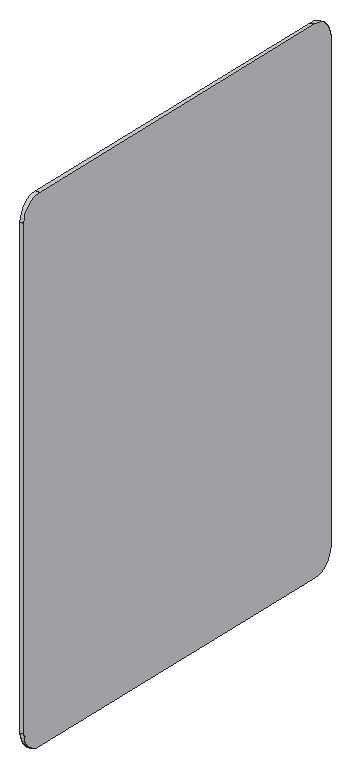
Revit family "LG_Heat_Pump_Water_Heater_APHWC501L_NA_v1.1", category Mechanical Equipment, Revit 2020
Family settings
  Round Connector Dimension = Use Diameter
  Classification = None
  Part Type = Normal
  Work Plane-Based = No
  Always vertical = Yes
  Cut with Voids When Loaded = No
  Shared = No
  Room Calculation Point = No
Parameters (values of type "Heat Pump Water Heater")
  Water Connection Size_inch = ""
  Refrigerant_Type = ""
  Refrigerant_Pre Charge_t-Co2 eq = ""
  Refrigerant_Pre Charge_oz = ""
  Refrigerant_Pre Charge_g = ""
  Refrigerant_GWP = ""
  Power Supply_Ø_V_Hz = ""
  Power Supply Cable_No. = ""
  Power Supply Cable_AWG = ""
  Power Input_Upper Element_W = ""
  Power Input_Lower Element_W = ""
  Model = ""
  Max Working Pressure (Water Tank)_kPa = ""
  Max Working Pressure (Water Tank)_PSI = ""
  Manufacturer = "LG Electronics"
  Indoor_Weight_Net_lb = ""
  Indoor_Weight_Net_kg = ""
  Indoor_Sound Pressure Level_dB(A) = ""
  Indoor_Sound Power Level_dB(A) = ""
  Indoor_Max. Fuse Size_A = ""
  Indoor_Heat Pump Operation Range_F(DB) = ""
  Indoor_Heat Pump Operation Range_C(DB) = ""
  Indoor_Exterior Color Code = ""
  Indoor_Dimensions_Net (W x H x D)_mm = ""
  Indoor_Dimensions_Net (W x H x D)_in = ""
  Indoor_Air Flow Rate_m3/min = ""
  Indoor_Air Flow Rate_CFM = ""
  Foam Insulation_mm = ""
  Factory Model = ""
  Energy_UEF = ""
  Energy_FHR_Gallon/hour = ""
  Drain Hose Size_I.D_mm = ""
  Drain Hose Size_I.D_in = ""
  Description = "HEAT PUMP WATER HEATER"
  Defrost Method = ""
  Default Elevation = 0"
  Compressor_Type = ""
  Compressor_Manufacturer = ""
  Circuit Breaker_A = ""
  Capacity_Volume_L = ""
  Buyer Model = ""
  Available Voltage Range_V = ""
  Anode = ""
  Annual Energy Consumption(AEC) (15C / 7C)_kWH = ""
Reference planes (in)
  plane 1 "중심(앞/뒤)": y = 0
  plane 2: z = 0
  plane 3 "중심(왼쪽/오른쪽)": x = 0
  plane 4: z = 5.8125
  plane 5: z = 39.28125
Forms (in)
  Extrusion 1, solid
    sketch origin (11.41732, -6.27813, 49.01575) x (0, 0, -1) y (0, 1, 0)
      loop
        line (33.34646, 8.54324) -> (37.95276, 8.54324)
        arc (37.95276, 8.54324) -> (38.09195, 8.6009) -> (38.14961, 8.74009) r 0.19685
        line (38.14961, 8.74009) -> (38.14961, 12.20466)
        arc (38.14961, 12.20466) -> (38.09195, 12.34385) -> (37.95276, 12.40151) r 0.19685
        line (37.95276, 12.40151) -> (33.34646, 12.40151)
        arc (33.34646, 12.40151) -> (33.20726, 12.34385) -> (33.14961, 12.20466) r 0.19685
        line (33.14961, 12.20466) -> (33.14961, 8.74009)
        arc (33.14961, 8.74009) -> (33.20726, 8.6009) -> (33.34646, 8.54324) r 0.19685
    from 0 to 0.03937
Dimensions and locks (in)
  import instance to import instance = 22.83465"  (x2)
  import instance to level = 63.9685"
  plane 4 to level = 5 13/16"
  plane 5 to level = 39 9/32"
  aligned and locked: level to plane 2
Connectors (in)
  piping at (13.38457, 3.47908, 39.28352), diameter 0.75
    settings: on import instance, index 1, connector inside diameter 609.6 mm, connector length 0", flow factor 0, pipe flow 0.0 L/s, pressure drop 0.0 Pa, fitting loss kfactor 0, connector angle 0.00°, fixture units 0, engagement length 0", angle of deflection 0.00°, flow configuration 0, flow direction 2, fitting loss method 0, system type 7, joint type 0, gender type 0, connector reference index -1, connector utility 0, adjustable connector no, is connector primary yes, connector description ""
  piping at (13.38395, 3.48142, 5.81895), diameter 0.75
    settings: on import instance, index 2, connector inside diameter 609.6 mm, connector length 0", flow factor 0, pipe flow 0.0 L/s, pressure drop 0.0 Pa, fitting loss kfactor 0, connector angle 0.00°, fixture units 0, engagement length 0", angle of deflection 0.00°, flow configuration 0, flow direction 1, fitting loss method 0, system type 8, joint type 0, gender type 0, connector reference index -1, connector utility 0, adjustable connector no, is connector primary no, connector description ""
  piping at (12.09643, -4.48725, 5.81895), diameter 0.75
    settings: on import instance, index 3, connector inside diameter 609.6 mm, connector length 0", flow factor 0, pipe flow 0.0 L/s, pressure drop 0.0 Pa, fitting loss kfactor 0, connector angle 0.00°, fixture units 0, engagement length 0", angle of deflection 0.00°, flow configuration 0, flow direction 0, fitting loss method 0, system type 16, joint type 0, gender type 0, connector reference index -1, connector utility 0, adjustable connector no, is connector primary no, connector description ""
  piping at (12.09643, -4.48725, 39.28352), diameter 0.75
    settings: on import instance, index 4, connector inside diameter 609.6 mm, connector length 0", flow factor 0, pipe flow 0.0 L/s, pressure drop 0.0 Pa, fitting loss kfactor 0, connector angle 0.00°, fixture units 0, engagement length 0", angle of deflection 0.00°, flow configuration 0, flow direction 0, fitting loss method 0, system type 22, joint type 0, gender type 0, connector reference index -1, connector utility 0, adjustable connector no, is connector primary no, connector description ""
